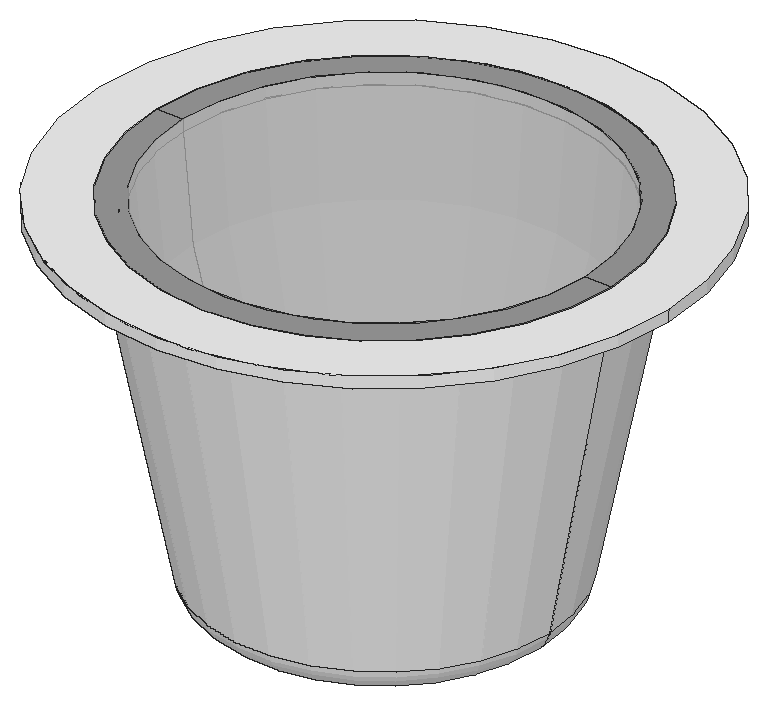
Revit family "2059085 Lighting Fixture_Sylvania_Ascent 100 Arch(120)- Very High Output_Ceiling Recessed", category Lighting Fixtures, host Face, Revit 2017
Family settings
  Host = Face
  Round Connector Dimension = Use Diameter
  Part Type = Normal
  OmniClass Number = 23.80.70.11.17
  OmniClass Title = Specialized Lighting by Location or Use
  Cut with Voids When Loaded = No
  Light Source = Yes
  Shared = No
  Room Calculation Point = No
Parameters (values of type "Ascent100 Arch VHO 3K STD 120")
  Reflector Radius = Radius - 15.0 mm  # 60.0 mm
  Reflector Material = Aluminium_Sylvania_Ascent_Silver
  Radius = 75.0 mm
  Life = "50 000h"  # constant formula
  IP Rating = "IP44"  # constant formula
  IK Rating = "IK02"  # constant formula
  Height = 94.0 mm
  Wattage = 11.1792 W
  built-in parameter 1150110 = 1 (stored number, unit not read)
  Voltage Comments = "UNV (Universal Voltage; 220-240 Volt)"  # constant formula
  Voltage = 240 V  # constant formula
  URL = "https://www.sylvania-lighting.com/"
  built-in parameter 1114217 = 1 (stored number, unit not read)
  Tilt Angle = -90°
  built-in parameter 1150109 = 1 (stored number, unit not read)
  built-in parameter 1150134 = (empty or 0)
  built-in parameter 1150113 = 1 (stored number, unit not read)
  Product Page URL = "https://www.sylvania-lighting.com/product/en-int/products/2059085"
  Product Family = "Ascent 100 Arch (120) - Very High Output"  # constant formula
  Photometry Comments = ""
  Photometric Web File = "2059085_Ascent100ArchVHO3KSTD120-188448.ies"
  Glow Wire Test = 850 °C
  Emit from Circle Diameter = 2 * Diffuser Radius  # 106.0 mm
  Emit Shape Visible in Rendering = no
  Drive Current = "700mA"  # constant formula
  Diffuser Radius = Reflector Radius - 7.0 mm  # 53.0 mm
  Diffuser Material = Polycarbonate_Sylvania_Ascent_Clear
  Diameter = 2 * Radius  # 150.0 mm
  Cutout Diameter = Diameter - 13.0 mm  # 137.0 mm
  built-in parameter 1114216 [instance] = 1 (stored number, unit not read)
  Model = "Ascent100 Arch VHO 3K STD 120"
  Manufacturer = "Feilo-Sylvania Group"
  built-in parameter 1150105 = 627.49 (stored number, unit not read)
  Lumens = 1131 lm
  built-in parameter 1150115 = 1 (stored number, unit not read)
  built-in parameter 1150137 = (empty or 0)
  built-in parameter 1150139 = (empty or 0)
  built-in parameter 1150112 = 1 (stored number, unit not read)
  built-in parameter 1150114 = 1 (stored number, unit not read)
  Lamp = "Integrated LED"
  built-in parameter 1150132 = 2
  built-in parameter 1150102 = (empty or 0)
  built-in parameter 1150107 = 3000 (stored number, unit not read)
  built-in parameter 1150138 = (empty or 0)
  built-in parameter 1150106 = 6.2749 (stored number, unit not read)
  Body Material = Aluminum_Sylvania_Ascent_White
  built-in parameter 1150104 = 9.399 (stored number, unit not read)
  Dimming Lamp Color Temperature Shift = <None>
  Description = "Direct LED retro fit for original LED 100 Arch (120) single CFL lamp offering Matching lumen levels and improved light distribution of original LED 100 CFL lamp equivalents Typically half the power consumption compared to CFL Up to 104lm/W 120mm aperture Architectural reflector accepts range of glass accessories from existing LED 100 Arch 120 offering HE, HO and VHO versions equivalent of single 1 x 13W, 1 x 18W, 1 x 26W Additional VVHO versions which offer the performance circa 2 x 26W equivalent"  # constant formula
  Default Elevation = 0.0 mm
  Color Filter = 16777215
  Catalog Number = "2059085 Ascent100 Arch VHO 3K STD 120"
  built-in parameter 1140040 [instance] = 1
  built-in parameter 1114218 = 1 (stored number, unit not read)
  built-in parameter 1150133 = 10 (stored number, unit not read)
  Assembly Code = "D5020200"
  Apparent Load Comments = ""
  Apparent Load = 13 VA
  Aperture = 2 * Reflector Radius  # 120.0 mm
  Accessory Material = Aluminum_Sylvania_Ascent_White
Reference planes
  plane 1 "Center (Front/Back)": y = 0
  plane 2: z = 0
  plane 3 "Center (Left/Right)": x = 0
  plane 4 "Fixture Bottom": z = 3
  plane 5: z = -52.5
  plane 6 "Fixture Top": z = -91
Forms (mm)
  Extrusion 1, solid, material "Aluminum_Sylvania_Ascent_White" <- "Accessory Material", detail levels fine
    sketch origin (0, 0, 0) x (1, 0, 0) y (0, 1, 0)
      loop
        circle (0, 0) r 75
      loop
        circle (0, 0) r 60
    from 0 to 3
  Extrusion 2, void
    sketch origin (0, 0, 0) x (1, 0, 0) y (0, 1, 0)
      loop
        circle (0, 0) r 68.5
    from -91 to 3
  Revolve 3, solid, material "Aluminum_Sylvania_Ascent_White" <- "Body Material", detail levels fine
    sketch origin (0, 0, 0) x (1, 0, 0) y (0, 0, 1)
      loop
        line (0, -91.073) -> (0, -89.023) -> (-35.468, -89.014)
        arc (-35.468, -89.014) -> (-39.352, -87.613) -> (-41.54, -84.139) r 6.307
        line (-41.54, -84.139) -> (-57.991, -2.844) -> (-57.991, 0) -> (-60, 0) -> (-60, -3) -> (-43.5, -84.536)
        arc (-43.5, -84.536) -> (-40.643, -89.203) -> (-35.5, -91.073) r 8.291
        line (-35.5, -91.073) -> (0, -91.073)
      axis (0, 0) -> (0, -91.073)
    angle from 0 to 360
  Revolve 4, solid, material "Aluminium_Sylvania_Ascent_Silver" <- "Reflector Material", detail levels fine
    sketch origin (0, 0, 0) x (1, 0, 0) y (0, 0, 1)
      loop
        line (-60, 3) -> (-60, 0) -> (-55, 0)
        arc (-55, 0) -> (-52.349, -26.77) -> (-44.5, -52.5) r 136.5
        line (-44.5, -52.5) -> (-38, -52.5)
        arc (-38, -52.5) -> (-36.857, -61.521) -> (-33.5, -69.971) r 36.166
        line (-33.5, -69.971) -> (0, -69.971) -> (0, -50.5) -> (-43.16, -50.5)
        arc (-43.16, -50.5) -> (-50.517, -25.725) -> (-53, 0) r 134.5
        line (-53, 0) -> (-53, 3) -> (-60, 3)
      axis (0, 3) -> (0, -69.971)
    angle from 0 to 360
  Extrusion 5, solid, material "Polycarbonate_Sylvania_Ascent_Clear" <- "Diffuser Material", detail levels fine
    sketch origin (0, 0, 0) x (1, 0, 0) y (0, 1, 0)
      loop
        circle (0, 0) r 53
    from 0 to 3
  Revolve 6, solid, material "Aluminum_Sylvania_Ascent_White" <- "Accessory Material", detail levels coarse+medium
    sketch origin (0, 0, 0) x (1, 0, 0) y (0, 0, 1)
      loop
        line (0, -91.073) -> (0, 3) -> (-75, 3) -> (-75, 0) -> (-60, 0) -> (-60, -3) -> (-43.5, -84.536)
        arc (-43.5, -84.536) -> (-40.643, -89.203) -> (-35.5, -91.073) r 8.291
        line (-35.5, -91.073) -> (0, -91.073)
      axis (0, 3) -> (0, -91.073)
    angle from 0 to 360
Dimensions and locks
  locked: plane 4 "Fixture Bottom" to plane 2 at 3
  "Height": plane 4 "Fixture Bottom" to plane 6 "Fixture Top"
  "Reflector Radius": plane 3 "Center (Left/Right)" to Revolve 4 sketch curve
  locked: Revolve 4 sketch curve to Revolve 4 sketch curve at 15.5
  locked: Revolve 4 sketch curve to Revolve 4 sketch curve at 5
  locked: Revolve 4 sketch curve to Revolve 4 sketch curve at 7
  locked: Revolve 4 sketch curve to Revolve 4 sketch curve at 22
  locked: Revolve 4 sketch curve to Revolve 4 sketch curve at 26.5
  locked: Revolve 3 sketch curve to Revolve 3 sketch curve at 16.5
  locked: Revolve 3 sketch curve to Revolve 3 sketch curve at 24.5
  "Reflector Radius": Revolve 3 sketch curve to plane 3 "Center (Left/Right)"
  locked: Revolve 3 sketch curve to plane 6 "Fixture Top" at 6.464
  locked: plane 2 to Revolve 3 sketch curve at 3
  locked: Revolve 3 sketch curve to Revolve 3 sketch curve at 2
  locked: Revolve 3 sketch curve to Revolve 3 sketch curve at 2.009
  locked: plane 2 to plane 5 at 52.5
  locked: Revolve 6 sketch curve to Revolve 6 sketch curve at 31.5
  locked: Revolve 6 sketch curve to Revolve 6 sketch curve at 39.5
  locked: Revolve 6 sketch curve to Revolve 6 sketch curve at 15
  "Radius": plane 3 "Center (Left/Right)" to Revolve 6 sketch curve
  "Cutout Diameter": diameter of Extrusion 2 sketch curve
  "Reflector Radius": radius of Extrusion 1 sketch curve
  "Diffuser Radius": radius of Extrusion 5 sketch curve
  "Radius": radius of Extrusion 1 sketch curve
  aligned and locked: host face to plane 2
  aligned and locked: host face to level
  aligned and locked: plane 1 "Center (Front/Back)" to imposter light
  aligned and locked: plane 3 "Center (Left/Right)" to imposter light
  aligned and locked: plane 4 "Fixture Bottom" to Extrusion 1
  aligned and locked: Extrusion 1 to plane 2
  aligned and locked: Revolve 3 sketch curve to plane 3 "Center (Left/Right)"
  aligned and locked: Revolve 4 sketch curve to plane 3 "Center (Left/Right)"  (x2)
  aligned and locked: plane 4 "Fixture Bottom" to Revolve 4 sketch curve
  aligned and locked: Revolve 3 sketch curve to imposter light
  aligned and locked: Extrusion 5 to plane 2
  aligned and locked: imposter light to Extrusion 5
  aligned and locked: plane 2 to Revolve 3 sketch curve  (x2)
  aligned and locked: Revolve 6 sketch curve to imposter light
  aligned and locked: Revolve 6 sketch curve to plane 3 "Center (Left/Right)"
  aligned and locked: plane 6 "Fixture Top" to Extrusion 2
  aligned and locked: imposter light to Extrusion 2
  aligned and locked: imposter light to plane 4 "Fixture Bottom"
Automatic sketch dimensions
  plane 1 "Center (Front/Back)" to Extrusion 2 sketch curve = 0.0 mm
  Extrusion 2 sketch curve to plane 3 "Center (Left/Right)" = 0.0 mm
  Extrusion 1 sketch curve to Extrusion 1 sketch curve = 0.0 mm  (x2)
  plane 1 "Center (Front/Back)" to Extrusion 1 sketch curve = 0.0 mm
  Extrusion 1 sketch curve to plane 3 "Center (Left/Right)" = 0.0 mm
  plane 6 "Fixture Top" to Revolve 3 sketch curve = 0.073 mm
  Revolve 3 sketch curve to plane 6 "Fixture Top" = 6.861 mm
  Revolve 3 sketch curve to Revolve 3 sketch curve = 0.003 mm
  Revolve 3 sketch curve to Revolve 3 sketch curve = 0.009 mm  (x2)
  Revolve 3 sketch curve to Revolve 3 sketch curve = 0.023 mm
  Revolve 3 sketch curve to Revolve 3 sketch curve = 0.072 mm
  Revolve 3 sketch curve to Revolve 3 sketch curve = 0.008 mm
  Revolve 3 sketch curve to plane 6 "Fixture Top" = 1.977 mm
  Revolve 3 sketch curve to Revolve 3 sketch curve = 33.496 mm
  Revolve 3 sketch curve to Revolve 3 sketch curve = 0.028 mm
  plane 4 "Fixture Bottom" to Revolve 3 sketch curve = 82.431 mm
  Revolve 4 sketch curve to Revolve 4 sketch curve = 0.0 mm  (x2)
  Revolve 4 sketch curve to plane 5 = 0.0 mm
  Revolve 4 sketch curve to level = 0.0 mm
  plane 5 to Revolve 4 sketch curve = 2.0 mm
  plane 4 "Fixture Bottom" to Revolve 4 sketch curve = 9.642 mm
  plane 1 "Center (Front/Back)" to Extrusion 5 sketch curve = 0.0 mm
  Extrusion 5 sketch curve to plane 3 "Center (Left/Right)" = 0.0 mm
  Revolve 4 sketch curve to level = 69.971 mm
  Revolve 4 sketch curve to Revolve 4 sketch curve = 2.387 mm
  Revolve 6 sketch curve to level = 0.0 mm
  Revolve 6 sketch curve to plane 3 "Center (Left/Right)" = 0.0 mm
  Revolve 6 sketch curve to Revolve 6 sketch curve = 8.104 mm
  Revolve 6 sketch curve to level = 3.0 mm
  Revolve 6 sketch curve to plane 6 "Fixture Top" = 6.464 mm
  plane 6 "Fixture Top" to Revolve 6 sketch curve = 0.073 mm
  Revolve 6 sketch curve to Revolve 6 sketch curve = 33.496 mm
  plane 4 "Fixture Bottom" to Revolve 6 sketch curve = 82.431 mm
  host sketch curve to host sketch curve = 1368.192 mm
  host sketch curve to host sketch curve = 1600.367 mm
Connectors
  electrical at (0, 0, -91.073), driven by "Voltage", driven by "Apparent Load"
    settings: on Revolve 3, index 1, voltage 240 V, apparent load 0 VA, apparent load phase1 13 VA, apparent load phase2 0 VA, apparent load phase3 0 VA, power factor 1, load classification "Lighting", number of poles 1, system type 31, power factor state 1, is connector primary yes, connector utility no, sub classification motor no, connector description ""
